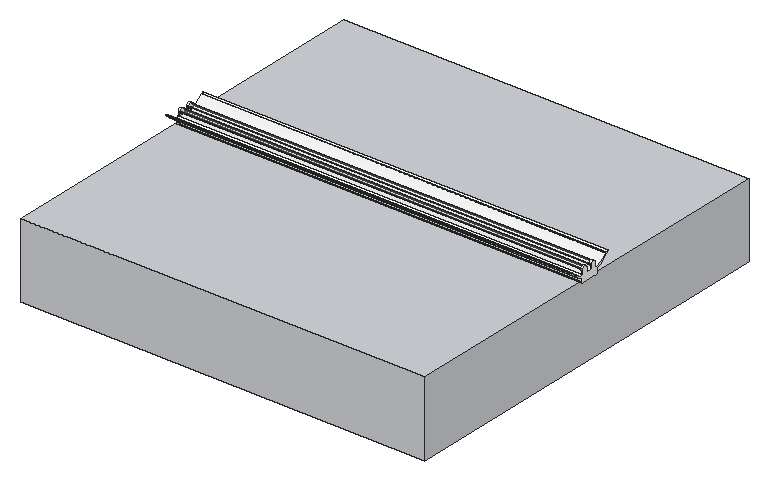
Revit family "CSR8", category Lighting Fixtures, host Face, Revit 2012
Parameters (values of type "CSR8-232")
  Wattage Comments = "120W"
  Wattage = 120 W
  built-in parameter 1150110 = 1 (stored number, unit not read)
  URL = "http://www.columbialighting.com/"
  built-in parameter 1114217 = 1 (stored number, unit not read)
  Tilt Angle = -90.00°
  built-in parameter 1150109 = 1 (stored number, unit not read)
  built-in parameter 1150134 = 3
  built-in parameter 1150113 = 1 (stored number, unit not read)
  Product Page URL = "http://www.columbialighting.com/products/csr"
  Product Documentation Link = "http://www.columbialighting.com/content/products/specs/specs_files/csr4_csr8_bi_pin.pdf"
  Photometric Web File = "12460.IES"
  Model = "CSR8"  # constant formula
  Manufacturer Phone = "864.678.1000"  # constant formula
  Manufacturer Fax = "866.898.1065"  # constant formula
  Manufacturer = "Columbia Lighting"  # constant formula
  built-in parameter 1150105 = 4308.7 (stored number, unit not read)
  Lumens = 17825 lm
  built-in parameter 1150115 = 1 (stored number, unit not read)
  built-in parameter 1150137 = (empty or 0)
  built-in parameter 1150139 = (empty or 0)
  built-in parameter 1150112 = 1 (stored number, unit not read)
  built-in parameter 1150114 = 1 (stored number, unit not read)
  Lamp = "4"
  built-in parameter 1150132 = (empty or 0)
  built-in parameter 1150102 = (empty or 0)
  built-in parameter 1150107 = 3200 (stored number, unit not read)
  built-in parameter 1150138 = (empty or 0)
  built-in parameter 1150106 = 43.087 (stored number, unit not read)
  Glass = Glass
  Emit from Line Length = 24.000"
  built-in parameter 1150104 = 13.8 (stored number, unit not read)
  Dimming Lamp Color Temperature Shift = <None>
  Description = "4' or 8' Industrial / 1, 2, or 3-Lamp T8 or T5"  # constant formula
  Default Elevation = 48.000"
  Color Filter = 16777215
  built-in parameter 1114218 = 1 (stored number, unit not read)
  Ballast Factor = ".88"
  Backbox = White
  built-in parameter 1150133 = 10 (stored number, unit not read)
Types (6): name | Wattage Comments | Wattage | Photometric Web File | built-in parameter 1150105 | Lumens | Lamp | built-in parameter 1150106 | Ballast Factor
  (no name) | "120W" | 120 W | "12460.IES" | 4308.7 (stored number, unit not read) | 17825 lm | "4" | 43.087 (stored number, unit not read) | ".88"
  CSR8-132 | "60W" | 60 W | "10440.IES" | 709.24 (stored number, unit not read) | 8912.52 lm | "1" | 7.0924 (stored number, unit not read) | ".96"
  CSR8-232 | "120W" | 120 W | "12460.IES" | 4308.7 (stored number, unit not read) | 17825 lm | "4" | 43.087 (stored number, unit not read) | ".88"
  CSR8-296HO-U-LE | "237W" | 237 W | "10124.IES" | 8813.3 (stored number, unit not read) | 35204.4 lm | "2" | 88.133 (stored number, unit not read) | ".95"
  CSR8-296-LE | "158W" | 158 W | "7993.IES" | 5472.3 (stored number, unit not read) | 23469.6 lm | "2" | 54.723 (stored number, unit not read) | ".95"
  CSR8-296-U-LE | "155W" | 155 W | "8673.IES" | 1832.2 (stored number, unit not read) | 23024 lm | "2" | 18.322 (stored number, unit not read) | ".95"
Reference planes (in)
  plane 1 "Center (Front/Back)": y = 0.03999
  plane 2: z = 0.0837
  plane 3 "Center (Left/Right)": x = 0.56919
  plane 4: y = 2.25874
  plane 5: y = -2.17876
  plane 6: x = -47.43081
  plane 7: x = 48.56919
  plane 8: x = -46.93081
  plane 9: x = 48.06919
  plane 10: z = 3.7087
  plane 11: y = 5.53999
  plane 12: y = -5.46001
  plane 13: y = 1.28999
  plane 14: y = -1.21001
  plane 15: x = -47.18081
  plane 16: x = 48.31919
Forms (in)
  Extrusion 1, solid
    sketch origin (0, 0, 0.06357) x (1, 0, 0) y (0, 1, 0)
      loop
        line (-48, 48) -> (-48, -48) -> (48, -48) -> (48, 48) -> (-48, 48)
    from 0.02013 to -17.74365
  Extrusion 2, solid, material "White" <- "Backbox"
    sketch origin (0.56919, 0, 0) x (0, 1, 0) y (0, 0, 1)
      loop
        arc (1.85217, 0.0837) -> (2.13966, 0.20278) -> (2.25874, 0.49027) r 0.40657
        line (2.25874, 0.49027) -> (2.25874, 1.39019) -> (1.92358, 1.5837) -> (-1.84359, 1.5837) -> (-2.17876, 1.39019) -> (-2.17876, 0.48907)
        arc (-2.17876, 0.48907) -> (-2.06003, 0.20243) -> (-1.77338, 0.0837) r 0.40537
        line (-1.77338, 0.0837) -> (1.85217, 0.0837)
    from -48 to 48
  Extrusion 3, solid, material "White" <- "Backbox"
    sketch origin (0.56919, 0, 0) x (0, 1, 0) y (0, 0, 1)
      loop
        line (2.25874, 1.39019) -> (2.39992, 1.29134)
        arc (2.39992, 1.29134) -> (3.89602, 2.16797) -> (5.06455, 3.44911) r 5.77661
        line (5.06455, 3.44911) -> (5.29947, 3.36361) -> (5.53999, 3.7071) -> (5.29624, 3.39511) -> (5.06132, 3.48062)
        arc (5.06132, 3.48062) -> (3.83376, 2.36076) -> (2.37775, 1.56015) r 7.03303
        line (2.37775, 1.56015) -> (1.98014, 1.7897) -> (0.03999, 1.7897) -> (-1.90016, 1.7897) -> (-2.29776, 1.56015)
        arc (-2.29776, 1.56015) -> (-3.75378, 2.36076) -> (-4.98133, 3.48062) r 7.03303
        line (-4.98133, 3.48062) -> (-5.21626, 3.39511) -> (-5.46001, 3.7071) -> (-5.21949, 3.36361) -> (-4.98457, 3.44911)
        arc (-4.98457, 3.44911) -> (-3.81604, 2.16797) -> (-2.31994, 1.29134) r 5.77661
        line (-2.31994, 1.29134) -> (-2.17876, 1.39019) -> (-1.84359, 1.5837) -> (0.03999, 1.5837) -> (1.92358, 1.5837) -> (2.25874, 1.39019)
    from -48 to 48
  Extrusion 4, solid, material "Glass" <- "Glass"
    sketch origin (0.56919, 0, 0) x (0, 1, 0) y (0, 0, 1)
      loop
        circle (1.28999, 2.7893) r 0.5
      loop
        circle (-1.21001, 2.7893) r 0.5
      loop
        circle (1.28999, 2.7893) r 0.4
      loop
        circle (-1.21001, 2.7893) r 0.4
    from -47.5 to 47.5
  Extrusion 5, solid, material "White" <- "Backbox"
    sketch origin (0.56919, 0, 0) x (0, 1, 0) y (0, 0, 1)
      loop
        line (1.78999, 1.5837) -> (1.78999, 2.7893)
        arc (1.78999, 2.7893) -> (1.28999, 2.2893) -> (0.78999, 2.7893) r 0.5
        line (0.78999, 2.7893) -> (0.78999, 1.5837) -> (1.78999, 1.5837)
      loop
        line (-1.71001, 1.5837) -> (-0.71001, 1.5837) -> (-0.71001, 2.7893)
        arc (-0.71001, 2.7893) -> (-1.21001, 2.2893) -> (-1.71001, 2.7893) r 0.5
        line (-1.71001, 2.7893) -> (-1.71001, 1.5837)
    from -48 to -47.75
  Extrusion 6, solid, material "White" <- "Backbox"
    sketch origin (0.56919, 0, 0) x (0, 1, 0) y (0, 0, 1)
      loop
        circle (1.28999, 2.7893) r 0.5
      loop
        circle (-1.21001, 2.7893) r 0.5
    from 47.5 to 48
  Extrusion 7, solid, material "White" <- "Backbox"
    sketch origin (0.56919, 0, 0) x (0, 1, 0) y (0, 0, 1)
      loop
        arc (1.78999, 2.7893) -> (1.28999, 2.2893) -> (0.78999, 2.7893) r 0.5
        line (0.78999, 2.7893) -> (0.78999, 1.5837) -> (1.78999, 1.5837) -> (1.78999, 2.7893)
      loop
        arc (-0.71001, 2.7893) -> (-1.21001, 2.2893) -> (-1.71001, 2.7893) r 0.5
        line (-1.71001, 2.7893) -> (-1.71001, 1.5837) -> (-0.71001, 1.5837) -> (-0.71001, 2.7893)
    from 47.75 to 48
  Extrusion 8, solid, material "White" <- "Backbox"
    sketch origin (0.56919, 0, 0) x (0, 1, 0) y (0, 0, 1)
      loop
        circle (1.28999, 2.7893) r 0.5
      loop
        circle (-1.21001, 2.7893) r 0.5
    from -48 to -47.5
Cuts and joins
  joined: Extrusion 2, Extrusion 3, Extrusion 5, Extrusion 6, Extrusion 7, Extrusion 8
Dimensions and locks (in)
  equal spacing: plane 4, plane 1 "Center (Front/Back)", plane 5
  locked: plane 4 to plane 5 at 4.4375
  equal spacing: plane 7, plane 3 "Center (Left/Right)", plane 6
  locked: plane 7 to plane 6 at 96
  locked: plane 8 to plane 6 at 0.5
  locked: plane 9 to plane 7 at 0.5
  locked: plane 10 to level at 3.625
  equal spacing: plane 11, plane 1 "Center (Front/Back)", plane 12
  plane 11 to plane 12 = 11.000"
  locked: plane 1 "Center (Front/Back)" to plane 12 at 5.5
  equal spacing: plane 13, plane 1 "Center (Front/Back)", plane 14
  plane 13 to plane 14 = 2.500"
  locked: plane 15 to plane 6 at 0.25
  locked: plane 16 to plane 7 at 0.25
  aligned and locked: plane 2 to Extrusion 1
  aligned and locked: level to Extrusion 1
  aligned and locked: level to Extrusion 2 sketch curve
  aligned and locked: plane 4 to Extrusion 2 sketch curve
  aligned and locked: plane 5 to Extrusion 2 sketch curve
  aligned and locked: Extrusion 2 to plane 7
  aligned and locked: Extrusion 5 sketch curve to Extrusion 4
  aligned and locked: Extrusion 6 sketch curve to Extrusion 4  (x4)
  aligned and locked: Extrusion 7 sketch curve to Extrusion 5  (x3)
  aligned and locked: Extrusion 2 to plane 6
  aligned and locked: plane 9 to Extrusion 6
  aligned and locked: Extrusion 4 to plane 9
  aligned and locked: Extrusion 4 to plane 8
  aligned and locked: Extrusion 7 to plane 7
  aligned and locked: Extrusion 6 to plane 7
  aligned and locked: Extrusion 5 to plane 6
  aligned and locked: plane 15 to Extrusion 5
  aligned and locked: Extrusion 8 sketch curve to Extrusion 4  (x4)
  aligned and locked: Extrusion 8 to plane 6
  aligned and locked: plane 8 to Extrusion 8
  aligned and locked: Extrusion 5 to Extrusion 2  (x2)
  aligned and locked: Extrusion 7 to Extrusion 2
  aligned and locked: Extrusion 3 to plane 6
  aligned and locked: Extrusion 3 to plane 7
  aligned and locked: plane 16 to Extrusion 7
Automatic sketch dimensions
  Extrusion 1 sketch curve to Extrusion 1 sketch curve = 96.000"  (x2)
  Extrusion 3 sketch curve to plane 12 = 0.000"
  Extrusion 3 sketch curve to plane 5 = 0.000"
  Extrusion 3 sketch curve to plane 1 "Center (Front/Back)" = 0.000"  (x2)
  Extrusion 3 sketch curve to plane 4 = 0.000"
  Extrusion 3 sketch curve to plane 11 = 0.000"
  plane 12 to Extrusion 3 sketch curve = 0.24052"
  Extrusion 3 sketch curve to Extrusion 3 sketch curve = 0.00323"  (x4)
  Extrusion 3 sketch curve to Extrusion 3 sketch curve = 0.23169"  (x2)
  Extrusion 3 sketch curve to plane 10 = 0.22808"  (x2)
  Extrusion 3 sketch curve to plane 5 = 0.14118"
  Extrusion 3 sketch curve to plane 5 = 0.119"
  plane 5 to Extrusion 3 sketch curve = 0.2786"
  Extrusion 3 sketch curve to Extrusion 3 sketch curve = 0.05656"  (x2)
  plane 1 "Center (Front/Back)" to Extrusion 3 sketch curve = 0.29922"
  plane 1 "Center (Front/Back)" to Extrusion 3 sketch curve = 0.22069"
  Extrusion 3 sketch curve to plane 1 "Center (Front/Back)" = 0.22069"
  Extrusion 3 sketch curve to plane 1 "Center (Front/Back)" = 0.29922"
  plane 4 to Extrusion 3 sketch curve = 0.33517"
  Extrusion 3 sketch curve to plane 4 = 0.119"
  Extrusion 3 sketch curve to plane 4 = 0.14118"
  plane 11 to Extrusion 3 sketch curve = 0.47867"
  Extrusion 3 sketch curve to Extrusion 3 sketch curve = 0.03151"  (x4)
  Extrusion 3 sketch curve to Extrusion 3 sketch curve = 0.054"  (x2)
  level to Extrusion 3 sketch curve = 1.70601"
  Extrusion 3 sketch curve to Extrusion 3 sketch curve = 0.20601"
  Extrusion 3 sketch curve to Extrusion 3 sketch curve = 0.02355"  (x2)
  Extrusion 3 sketch curve to Extrusion 3 sketch curve = 0.16996"  (x2)
  Extrusion 3 sketch curve to Extrusion 3 sketch curve = 0.09885"  (x2)
  Extrusion 3 sketch curve to plane 10 = 0.0016"  (x2)
  plane 5 to Extrusion 2 sketch curve = 0.40537"
  plane 4 to Extrusion 2 sketch curve = 0.40657"
  Extrusion 2 sketch curve to Extrusion 2 sketch curve = 0.33517"
  Extrusion 2 sketch curve to Extrusion 2 sketch curve = 0.89992"
  plane 5 to Extrusion 2 sketch curve = 0.33517"
  Extrusion 2 sketch curve to Extrusion 2 sketch curve = 0.19351"  (x2)
  Extrusion 4 sketch curve to plane 14 = 0.000"
  Extrusion 4 sketch curve to plane 13 = 0.000"
  Extrusion 4 sketch curve to plane 10 = 0.9194"  (x2)
  Extrusion 4 sketch curve to Extrusion 4 sketch curve = 0.000"  (x4)
  Extrusion 5 sketch curve to plane 14 = 0.000"
  plane 5 to Extrusion 5 sketch curve = 0.46875"
  level to Extrusion 5 sketch curve = 1.500"
  Extrusion 5 sketch curve to Extrusion 5 sketch curve = 1.2056"
  Extrusion 5 sketch curve to plane 10 = 0.9194"
  Extrusion 7 sketch curve to plane 14 = 0.000"
  plane 5 to Extrusion 7 sketch curve = 0.46875"
  level to Extrusion 7 sketch curve = 1.500"
  Extrusion 7 sketch curve to plane 10 = 0.9194"
  radius of Extrusion 4 sketch curve = 0.500"  (x2)
  radius of Extrusion 4 sketch curve = 0.400"  (x2)
Connectors (in)
  electrical at (0, 0, 0.0837), driven by "Description"
    settings: on Extrusion 1, index 1, voltage 0 V, apparent load 0 VA, apparent load phase1 0 VA, apparent load phase2 0 VA, apparent load phase3 0 VA, power factor 1, load classification "Other", number of poles 1, system type 30, power factor state 1, is connector primary yes, connector utility no, sub classification motor no, connector description "4' or 8' Industrial / 1, 2, or 3-Lamp T8 or T5"
